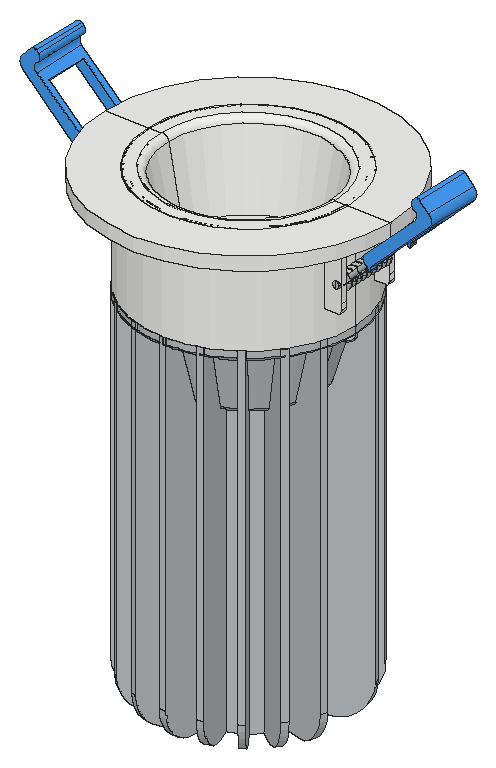
Revit family "2 inch  PORLA LED DOWNLIGHT", category Lighting Fixtures, host Face, Revit 2020
Family settings
  Host = Face
  Round Connector Dimension = Use Diameter
  Part Type = Normal
  Cut with Voids When Loaded = No
  Light Source = Yes
  Shared = No
  Room Calculation Point = No
Parameters (values of type "POR02-DLR-10LM-90-MWH-5000K")
  Wattage = 6.7321 W
  WATTS = 12 W
  built-in parameter 1150110 = 1 (stored number, unit not read)
  Voltage = 120 V
  URL = "https://www.abovealllighting.com/Product/LED-INDOOR-FIXTURE/LED-Down-light/2inPORLALEDDownlight-Round.html"
  Type Comments = "2 inch PORLA LED DOWNLIGHT "  # constant formula
  built-in parameter 1114217 = 1 (stored number, unit not read)
  Tilt Angle = -90.00°
  built-in parameter 1150109 = 1 (stored number, unit not read)
  built-in parameter 1150134 = 2
  built-in parameter 1150113 = 1 (stored number, unit not read)
  Replaces/Equiv.(MH) = "75W incandescent"
  Photometric Web File = "POR02-DLR-10LM-90 5000K.IES"
  Order number = "90830A"
  Model = "POR02-DLR-10LM-90-MWH"
  Manufacturer = "Above All Lighting"  # constant formula
  built-in parameter 1150105 = 2254.7 (stored number, unit not read)
  Lumens = 1000 lm
  built-in parameter 1150115 = 1 (stored number, unit not read)
  built-in parameter 1150137 = (empty or 0)
  built-in parameter 1150139 = (empty or 0)
  built-in parameter 1150112 = 1 (stored number, unit not read)
  built-in parameter 1150114 = 1 (stored number, unit not read)
  built-in parameter 1150132 = 2
  built-in parameter 1150102 = (empty or 0)
  built-in parameter 1150107 = 5000 (stored number, unit not read)
  built-in parameter 1150138 = (empty or 0)
  built-in parameter 1150106 = 22.547 (stored number, unit not read)
  IP Rating = "Damp Location"  # constant formula
  Fixture Height = 0' - 5"
  Fixture Diameter = 0' - 3 1/8"
  Finish/Color = White
  built-in parameter 1150104 = 13.8 (stored number, unit not read)
  Distribution = 38.00°  # constant formula
  Dimming Lamp Color Temperature Shift = <None>
  Description = "The 2 inch Porla recessed led downlight comes in round and square shapes with integral driver in a remote\r\ndriver box. Five CCT selectable. Flexibility to switch color temperature during installation with the slide\r\nswitch. Reflector optic design. Ideal for a variety of applications for both residential and commercial settings."  # constant formula
  Default Elevation = 4' - 0"
  DL = yes
  Color Filter = 16777215
  CRI = "90"  # constant formula
  CLIP LOWER BODY MATERIAL = PLASTIC
  CLIP BODY MATERIAL = White
  Bulb Material = LIGHT
  Body Material = FINISH COLOR
  built-in parameter 1114218 = 1 (stored number, unit not read)
  Average life based on 104F(HRS) = "50000"  # constant formula
  built-in parameter 1150133 = 10 (stored number, unit not read)
  Apparent Load = 15 VA
Reference planes (in)
  plane 1 "Center (Front/Back)": y = 0
  plane 2: z = 0
  plane 3 "Center (Left/Right)": x = 0
Dimensions and locks (in)
  aligned and locked: plane 2 to host face
  aligned and locked: level to host face
  aligned and locked: plane 3 "Center (Left/Right)" to nested 1
  aligned and locked: plane 1 "Center (Front/Back)" to nested 1
  aligned and locked: host face to nested 1
  aligned and locked: plane 3 "Center (Left/Right)" to imposter light
  aligned and locked: plane 2 to imposter light
Nested families (in)
  nested 1: "DLR 2 INCH" at (0, 0, -5.25), Body Material <- "Body Material", CLIP BODY MATERIAL <- "CLIP BODY MATERIAL", CLIP LOWER BODY MATERIAL <- "CLIP LOWER BODY MATERIAL", Finish/Color <- "Finish/Color", DLR 2 inch <- "DL", Bulb Material <- "Bulb Material", type "DLR 2 INCH"
    with Fixture Height 0' - 5 1/4", Finish/Color White, DLR 2 inch yes, D1 0' - 1.25984", D 0' - 3.14961", CLIP LOWER BODY MATERIAL PLASTIC, CLIP BODY MATERIAL White, Bulb Material LIGHT, Body Material FINISH COLOR
Connectors (in)
  electrical at (0, 0, 0), driven by "Voltage", driven by "Apparent Load"
    settings: on host face, index 1, voltage 120 V, apparent load 15 VA, apparent load phase1 0 VA, apparent load phase2 0 VA, apparent load phase3 0 VA, power factor 1, load classification "Lighting", number of poles 1, system type 30, power factor state 1, is connector primary yes, connector utility no, sub classification motor no, connector description ""
Definition of nested family "DLR 2 INCH"
  Parameters (values of type "DLR 2 INCH")
    Fixture Height [instance] = 0' - 4.96063"
    Finish/Color [instance] = none
    FIXED END HEIGHT 1 = 0' - 1.16142"
    Default Elevation = 0' - 0"
    DLR 2 inch [instance] = yes
    D1 [instance] = 0' - 1.25984"
    D [instance] = 0' - 3.14961"
    CLIP LOWER BODY MATERIAL [instance] = none
    CLIP BODY MATERIAL [instance] = none
    Bulb Material [instance] = none
    Body Material [instance] = none
  Reference planes (in)
    plane 1 "Center (Front/Back)": y = 0
    plane 2: z = 0
    plane 3 "Center (Left/Right)": x = 0
    plane 4: y = 0.62992
    plane 5: y = 1.5748
    plane 6: x = -0.62992
    plane 7: x = -1.5748
    plane 8: x = 0.62992
    plane 9: x = 1.5748
    plane 10: y = -0.62992
    plane 11: y = -1.5748
    plane 12: z = 4.96063
    plane 13: z = 3.79921
  Forms (in)
    Revolve 1, solid, material <- "Body Material", visible <- "DLR 2 inch"
      sketch origin (0, 0, 0) x (1, 0, 0) y (0, 0, 1)
        loop
          line (-1.10236, 4.96063) -> (-1.5748, 4.96063) -> (-1.5748, 4.81299) -> (-1.25984, 4.81299)
          arc (-1.25984, 4.81299) -> (-1.20416, 4.78993) -> (-1.1811, 4.73425) r 0.07874
          line (-1.1811, 4.73425) -> (-1.1811, 3.79921) -> (-1.02362, 3.79921) -> (-1.02362, 4.88189)
          arc (-1.02362, 4.88189) -> (-1.04668, 4.93757) -> (-1.10236, 4.96063) r 0.07874
        axis (0, 4.96063) -> (0, 3.79921)
      angle from 0 to 360
    Revolve 2, solid, material <- "Body Material", visible <- "DLR 2 inch"
      sketch origin (0, 0, 0) x (1, 0, 0) y (0, 0, 1)
        loop
          arc (-1.09562, 4.96063) -> (-1.04642, 4.93783) -> (-1.02362, 4.88864) r 0.07874
          line (-1.02362, 4.88864) -> (-1.02362, 3.99475) -> (-0.62992, 3.99475) -> (-0.62992, 4.08178) -> (-0.72298, 4.08178) -> (-0.88143, 4.89691)
          arc (-0.88143, 4.89691) -> (-0.90864, 4.94265) -> (-0.95873, 4.96063) r 0.07874
          line (-0.95873, 4.96063) -> (-1.09562, 4.96063)
        axis (0, 4.96063) -> (0, 3.99475)
      angle from 0 to 360
    Revolve 3, solid, material <- "Finish/Color", visible <- "DLR 2 inch"
      sketch origin (0, 0, 0) x (1, 0, 0) y (0, 0, 1)
        loop
          line (-1.02362, 3.79921) -> (-0.78006, 3.00256)
          arc (-0.78006, 3.00256) -> (-0.76583, 2.98242) -> (-0.74241, 2.9747) r 0.03937
          line (-0.74241, 2.9747) -> (-0.66929, 2.9747)
          arc (-0.66929, 2.9747) -> (-0.64145, 2.96317) -> (-0.62992, 2.93533) r 0.03937
          line (-0.62992, 2.93533) -> (-0.62992, 0) -> (-0.12463, 0) -> (-0.12463, 0.11811) -> (-0.51181, 0.11811) -> (-0.51181, 3.05344)
          arc (-0.51181, 3.05344) -> (-0.52334, 3.08128) -> (-0.55118, 3.09281) r 0.03937
          line (-0.55118, 3.09281) -> (-0.65501, 3.09281)
          arc (-0.65501, 3.09281) -> (-0.67843, 3.10053) -> (-0.69266, 3.12067) r 0.03937
          line (-0.69266, 3.12067) -> (-0.90012, 3.79921) -> (-1.02362, 3.79921)
        axis (0, 3.79921) -> (0, 0)
      angle from 0 to 360
    Extrusion 4, solid, material <- "Finish/Color", visible <- "DLR 2 inch"
      sketch origin (0, 0, 0) x (0, 1, 0) y (0, 0, 1)
        loop
          line (1.02362, 3.79921) -> (0.78006, 3.00256)
          arc (0.78006, 3.00256) -> (0.76583, 2.98242) -> (0.74241, 2.9747) r 0.03937
          line (0.74241, 2.9747) -> (0.70388, 2.9747)
          arc (0.70388, 2.9747) -> (0.65158, 2.95303) -> (0.62992, 2.90074) r 0.07396
          line (0.62992, 2.90074) -> (0.62992, 0) -> (0.7874, 0)
          arc (0.7874, 0) -> (1.06579, 0.11531) -> (1.1811, 0.3937) r 0.3937
          line (1.1811, 0.3937) -> (1.1811, 3.79921) -> (1.02362, 3.79921)
      from -0.03328 to 0.03328
    Extrusion 5, solid, material <- "Finish/Color", visible <- "DLR 2 inch"
      sketch origin (0, 0, 0) x (0.309017, 0.951057, 0) y (0, 0, 1)
        loop
          line (1.02362, 3.79921) -> (0.78006, 3.00256)
          arc (0.78006, 3.00256) -> (0.76583, 2.98242) -> (0.74241, 2.9747) r 0.03937
          line (0.74241, 2.9747) -> (0.70388, 2.9747)
          arc (0.70388, 2.9747) -> (0.65158, 2.95303) -> (0.62992, 2.90074) r 0.07396
          line (0.62992, 2.90074) -> (0.62992, 0) -> (0.7874, 0)
          arc (0.7874, 0) -> (1.06579, 0.11531) -> (1.1811, 0.3937) r 0.3937
          line (1.1811, 0.3937) -> (1.1811, 3.79921) -> (1.02362, 3.79921)
      from -0.03328 to 0.03328
    Extrusion 6, solid, material <- "Finish/Color", visible <- "DLR 2 inch"
      sketch origin (0, 0, 0) x (-0.309017, 0.951057, 0) y (0, 0, 1)
        loop
          line (1.02362, 3.79921) -> (0.78006, 3.00256)
          arc (0.78006, 3.00256) -> (0.76583, 2.98242) -> (0.74241, 2.9747) r 0.03937
          line (0.74241, 2.9747) -> (0.70388, 2.9747)
          arc (0.70388, 2.9747) -> (0.65158, 2.95303) -> (0.62992, 2.90074) r 0.07396
          line (0.62992, 2.90074) -> (0.62992, 0) -> (0.7874, 0)
          arc (0.7874, 0) -> (1.06579, 0.11531) -> (1.1811, 0.3937) r 0.3937
          line (1.1811, 0.3937) -> (1.1811, 3.79921) -> (1.02362, 3.79921)
      from -0.03328 to 0.03328
    Extrusion 7, solid, material <- "Finish/Color", visible <- "DLR 2 inch"
      sketch origin (0, 0, 0) x (-0.587785, 0.809017, 0) y (0, 0, 1)
        loop
          line (1.02362, 3.79921) -> (0.78006, 3.00256)
          arc (0.78006, 3.00256) -> (0.76583, 2.98242) -> (0.74241, 2.9747) r 0.03937
          line (0.74241, 2.9747) -> (0.70388, 2.9747)
          arc (0.70388, 2.9747) -> (0.65158, 2.95303) -> (0.62992, 2.90074) r 0.07396
          line (0.62992, 2.90074) -> (0.62992, 0) -> (0.7874, 0)
          arc (0.7874, 0) -> (1.06579, 0.11531) -> (1.1811, 0.3937) r 0.3937
          line (1.1811, 0.3937) -> (1.1811, 3.79921) -> (1.02362, 3.79921)
      from -0.03328 to 0.03328
    Extrusion 8, solid, material <- "Finish/Color", visible <- "DLR 2 inch"
      sketch origin (0, 0, 0) x (-0.809017, 0.587785, 0) y (0, 0, 1)
        loop
          line (1.02362, 3.79921) -> (0.78006, 3.00256)
          arc (0.78006, 3.00256) -> (0.76583, 2.98242) -> (0.74241, 2.9747) r 0.03937
          line (0.74241, 2.9747) -> (0.70388, 2.9747)
          arc (0.70388, 2.9747) -> (0.65158, 2.95303) -> (0.62992, 2.90074) r 0.07396
          line (0.62992, 2.90074) -> (0.62992, 0) -> (0.7874, 0)
          arc (0.7874, 0) -> (1.06579, 0.11531) -> (1.1811, 0.3937) r 0.3937
          line (1.1811, 0.3937) -> (1.1811, 3.79921) -> (1.02362, 3.79921)
      from -0.03328 to 0.03328
    Extrusion 9, solid, material <- "Finish/Color", visible <- "DLR 2 inch"
      sketch origin (0, 0, 0) x (-0.951057, 0.309017, 0) y (0, 0, 1)
        loop
          line (1.02362, 3.79921) -> (0.78006, 3.00256)
          arc (0.78006, 3.00256) -> (0.76583, 2.98242) -> (0.74241, 2.9747) r 0.03937
          line (0.74241, 2.9747) -> (0.70388, 2.9747)
          arc (0.70388, 2.9747) -> (0.65158, 2.95303) -> (0.62992, 2.90074) r 0.07396
          line (0.62992, 2.90074) -> (0.62992, 0) -> (0.7874, 0)
          arc (0.7874, 0) -> (1.06579, 0.11531) -> (1.1811, 0.3937) r 0.3937
          line (1.1811, 0.3937) -> (1.1811, 3.79921) -> (1.02362, 3.79921)
      from -0.03328 to 0.03328
    Extrusion 10, solid, material <- "Finish/Color", visible <- "DLR 2 inch"
      sketch origin (0, 0, 0) x (-1, 0, 0) y (0, 0, 1)
        loop
          arc (0.62992, 0.00517) -> (0.74126, 0.18917) -> (0.78006, 0.40071) r 0.59607
          line (0.78006, 0.40071) -> (0.78006, 3.00256)
          arc (0.78006, 3.00256) -> (0.76583, 2.98242) -> (0.74241, 2.9747) r 0.03937
          line (0.74241, 2.9747) -> (0.70388, 2.9747)
          arc (0.70388, 2.9747) -> (0.65158, 2.95303) -> (0.62992, 2.90074) r 0.07396
          line (0.62992, 2.90074) -> (0.62992, 0.00517)
      from -0.03328 to 0.03328
    Extrusion 11, solid, material <- "Finish/Color", visible <- "DLR 2 inch"
      sketch origin (0, 0, 0) x (-0.951057, -0.309017, 0) y (0, 0, 1)
        loop
          line (1.02362, 3.79921) -> (0.78006, 3.00256)
          arc (0.78006, 3.00256) -> (0.76583, 2.98242) -> (0.74241, 2.9747) r 0.03937
          line (0.74241, 2.9747) -> (0.70388, 2.9747)
          arc (0.70388, 2.9747) -> (0.65158, 2.95303) -> (0.62992, 2.90074) r 0.07396
          line (0.62992, 2.90074) -> (0.62992, 0) -> (0.7874, 0)
          arc (0.7874, 0) -> (1.06579, 0.11531) -> (1.1811, 0.3937) r 0.3937
          line (1.1811, 0.3937) -> (1.1811, 3.79921) -> (1.02362, 3.79921)
      from -0.03328 to 0.03328
    Extrusion 12, solid, material <- "Finish/Color", visible <- "DLR 2 inch"
      sketch origin (0, 0, 0) x (-0.809017, -0.587785, 0) y (0, 0, 1)
        loop
          line (1.02362, 3.79921) -> (0.78006, 3.00256)
          arc (0.78006, 3.00256) -> (0.76583, 2.98242) -> (0.74241, 2.9747) r 0.03937
          line (0.74241, 2.9747) -> (0.70388, 2.9747)
          arc (0.70388, 2.9747) -> (0.65158, 2.95303) -> (0.62992, 2.90074) r 0.07396
          line (0.62992, 2.90074) -> (0.62992, 0) -> (0.7874, 0)
          arc (0.7874, 0) -> (1.06579, 0.11531) -> (1.1811, 0.3937) r 0.3937
          line (1.1811, 0.3937) -> (1.1811, 3.79921) -> (1.02362, 3.79921)
      from -0.03328 to 0.03328
    Extrusion 13, solid, material <- "Finish/Color", visible <- "DLR 2 inch"
      sketch origin (0, 0, 0) x (-0.587785, -0.809017, 0) y (0, 0, 1)
        loop
          line (1.02362, 3.79921) -> (0.78006, 3.00256)
          arc (0.78006, 3.00256) -> (0.76583, 2.98242) -> (0.74241, 2.9747) r 0.03937
          line (0.74241, 2.9747) -> (0.70388, 2.9747)
          arc (0.70388, 2.9747) -> (0.65158, 2.95303) -> (0.62992, 2.90074) r 0.07396
          line (0.62992, 2.90074) -> (0.62992, 0) -> (0.7874, 0)
          arc (0.7874, 0) -> (1.06579, 0.11531) -> (1.1811, 0.3937) r 0.3937
          line (1.1811, 0.3937) -> (1.1811, 3.79921) -> (1.02362, 3.79921)
      from -0.03328 to 0.03328
    Extrusion 14, solid, material <- "Finish/Color", visible <- "DLR 2 inch"
      sketch origin (0, 0, 0) x (-0.309017, -0.951057, 0) y (0, 0, 1)
        loop
          line (1.02362, 3.79921) -> (0.78006, 3.00256)
          arc (0.78006, 3.00256) -> (0.76583, 2.98242) -> (0.74241, 2.9747) r 0.03937
          line (0.74241, 2.9747) -> (0.70388, 2.9747)
          arc (0.70388, 2.9747) -> (0.65158, 2.95303) -> (0.62992, 2.90074) r 0.07396
          line (0.62992, 2.90074) -> (0.62992, 0) -> (0.7874, 0)
          arc (0.7874, 0) -> (1.06579, 0.11531) -> (1.1811, 0.3937) r 0.3937
          line (1.1811, 0.3937) -> (1.1811, 3.79921) -> (1.02362, 3.79921)
      from -0.03328 to 0.03328
    Extrusion 15, solid, material <- "Finish/Color", visible <- "DLR 2 inch"
      sketch origin (0, 0, 0) x (0, -1, 0) y (0, 0, 1)
        loop
          line (1.02362, 3.79921) -> (0.78006, 3.00256)
          arc (0.78006, 3.00256) -> (0.76583, 2.98242) -> (0.74241, 2.9747) r 0.03937
          line (0.74241, 2.9747) -> (0.70388, 2.9747)
          arc (0.70388, 2.9747) -> (0.65158, 2.95303) -> (0.62992, 2.90074) r 0.07396
          line (0.62992, 2.90074) -> (0.62992, 0) -> (0.7874, 0)
          arc (0.7874, 0) -> (1.06579, 0.11531) -> (1.1811, 0.3937) r 0.3937
          line (1.1811, 0.3937) -> (1.1811, 3.79921) -> (1.02362, 3.79921)
      from -0.03328 to 0.03328
    Extrusion 16, solid, material <- "Finish/Color", visible <- "DLR 2 inch"
      sketch origin (0, 0, 0) x (0.309017, -0.951057, 0) y (0, 0, 1)
        loop
          line (1.02362, 3.79921) -> (0.78006, 3.00256)
          arc (0.78006, 3.00256) -> (0.76583, 2.98242) -> (0.74241, 2.9747) r 0.03937
          line (0.74241, 2.9747) -> (0.70388, 2.9747)
          arc (0.70388, 2.9747) -> (0.65158, 2.95303) -> (0.62992, 2.90074) r 0.07396
          line (0.62992, 2.90074) -> (0.62992, 0) -> (0.7874, 0)
          arc (0.7874, 0) -> (1.06579, 0.11531) -> (1.1811, 0.3937) r 0.3937
          line (1.1811, 0.3937) -> (1.1811, 3.79921) -> (1.02362, 3.79921)
      from -0.03328 to 0.03328
    Extrusion 17, solid, material <- "Finish/Color", visible <- "DLR 2 inch"
      sketch origin (0, 0, 0) x (0.587785, -0.809017, 0) y (0, 0, 1)
        loop
          line (1.02362, 3.79921) -> (0.78006, 3.00256)
          arc (0.78006, 3.00256) -> (0.76583, 2.98242) -> (0.74241, 2.9747) r 0.03937
          line (0.74241, 2.9747) -> (0.70388, 2.9747)
          arc (0.70388, 2.9747) -> (0.65158, 2.95303) -> (0.62992, 2.90074) r 0.07396
          line (0.62992, 2.90074) -> (0.62992, 0) -> (0.7874, 0)
          arc (0.7874, 0) -> (1.06579, 0.11531) -> (1.1811, 0.3937) r 0.3937
          line (1.1811, 0.3937) -> (1.1811, 3.79921) -> (1.02362, 3.79921)
      from -0.03328 to 0.03328
    Extrusion 18, solid, material <- "Finish/Color", visible <- "DLR 2 inch"
      sketch origin (0, 0, 0) x (0.809017, -0.587785, 0) y (0, 0, 1)
        loop
          line (1.02362, 3.79921) -> (0.78006, 3.00256)
          arc (0.78006, 3.00256) -> (0.76583, 2.98242) -> (0.74241, 2.9747) r 0.03937
          line (0.74241, 2.9747) -> (0.70388, 2.9747)
          arc (0.70388, 2.9747) -> (0.65158, 2.95303) -> (0.62992, 2.90074) r 0.07396
          line (0.62992, 2.90074) -> (0.62992, 0) -> (0.7874, 0)
          arc (0.7874, 0) -> (1.06579, 0.11531) -> (1.1811, 0.3937) r 0.3937
          line (1.1811, 0.3937) -> (1.1811, 3.79921) -> (1.02362, 3.79921)
      from -0.03328 to 0.03328
    Extrusion 19, solid, material <- "Finish/Color", visible <- "DLR 2 inch"
      sketch origin (0, 0, 0) x (0.951057, -0.309017, 0) y (0, 0, 1)
        loop
          line (1.02362, 3.79921) -> (0.78006, 3.00256)
          arc (0.78006, 3.00256) -> (0.76583, 2.98242) -> (0.74241, 2.9747) r 0.03937
          line (0.74241, 2.9747) -> (0.70388, 2.9747)
          arc (0.70388, 2.9747) -> (0.65158, 2.95303) -> (0.62992, 2.90074) r 0.07396
          line (0.62992, 2.90074) -> (0.62992, 0) -> (0.7874, 0)
          arc (0.7874, 0) -> (1.06579, 0.11531) -> (1.1811, 0.3937) r 0.3937
          line (1.1811, 0.3937) -> (1.1811, 3.79921) -> (1.02362, 3.79921)
      from -0.03328 to 0.03328
    Extrusion 20, solid, material <- "Finish/Color", visible <- "DLR 2 inch"
      sketch origin (0, 0, 0) x (0.951057, 0.309017, 0) y (0, 0, 1)
        loop
          line (1.02362, 3.79921) -> (0.78006, 3.00256)
          arc (0.78006, 3.00256) -> (0.76583, 2.98242) -> (0.74241, 2.9747) r 0.03937
          line (0.74241, 2.9747) -> (0.70388, 2.9747)
          arc (0.70388, 2.9747) -> (0.65158, 2.95303) -> (0.62992, 2.90074) r 0.07396
          line (0.62992, 2.90074) -> (0.62992, 0) -> (0.7874, 0)
          arc (0.7874, 0) -> (1.06579, 0.11531) -> (1.1811, 0.3937) r 0.3937
          line (1.1811, 0.3937) -> (1.1811, 3.79921) -> (1.02362, 3.79921)
      from -0.03328 to 0.03328
    Extrusion 21, solid, material <- "Finish/Color", visible <- "DLR 2 inch"
      sketch origin (0, 0, 0) x (0.809017, 0.587785, 0) y (0, 0, 1)
        loop
          line (1.02362, 3.79921) -> (0.78006, 3.00256)
          arc (0.78006, 3.00256) -> (0.76583, 2.98242) -> (0.74241, 2.9747) r 0.03937
          line (0.74241, 2.9747) -> (0.70388, 2.9747)
          arc (0.70388, 2.9747) -> (0.65158, 2.95303) -> (0.62992, 2.90074) r 0.07396
          line (0.62992, 2.90074) -> (0.62992, 0) -> (0.7874, 0)
          arc (0.7874, 0) -> (1.06579, 0.11531) -> (1.1811, 0.3937) r 0.3937
          line (1.1811, 0.3937) -> (1.1811, 3.79921) -> (1.02362, 3.79921)
      from -0.03328 to 0.03328
    Extrusion 22, solid, material <- "Finish/Color", visible <- "DLR 2 inch"
      sketch origin (0, 0, 0) x (0.587785, 0.809017, 0) y (0, 0, 1)
        loop
          line (1.02362, 3.79921) -> (0.78006, 3.00256)
          arc (0.78006, 3.00256) -> (0.76583, 2.98242) -> (0.74241, 2.9747) r 0.03937
          line (0.74241, 2.9747) -> (0.70388, 2.9747)
          arc (0.70388, 2.9747) -> (0.65158, 2.95303) -> (0.62992, 2.90074) r 0.07396
          line (0.62992, 2.90074) -> (0.62992, 0) -> (0.7874, 0)
          arc (0.7874, 0) -> (1.06579, 0.11531) -> (1.1811, 0.3937) r 0.3937
          line (1.1811, 0.3937) -> (1.1811, 3.79921) -> (1.02362, 3.79921)
      from -0.03328 to 0.03328
    Revolve 23, solid, visible <- "DLR 2 inch"
      sketch origin (-0.61516, -0.00309, 0) x (1, 0, 0) y (0, 0, 1)
        loop
          line (-0.48321, 3.70694) -> (-0.48321, 3.94081) -> (-0.52896, 3.94081) -> (-0.52896, 3.70694) -> (-0.56285, 3.70694) -> (-0.56285, 3.67612)
          arc (-0.56285, 3.67612) -> (-0.55687, 3.66169) -> (-0.54243, 3.6557) r 0.02042
          line (-0.54243, 3.6557) -> (-0.48321, 3.6557) -> (-0.48321, 3.70694)
        axis (-0.48321, 3.94081) -> (-0.48321, 3.6557)
      angle from 0 to 360
    Revolve 24, solid, visible <- "DLR 2 inch"
      sketch origin (0.61516, -0.00309, 0) x (-1, 0, 0) y (0, 0, -1)
        loop
          line (-0.48321, -3.70694) -> (-0.48321, -3.6557) -> (-0.54243, -3.6557)
          arc (-0.54243, -3.6557) -> (-0.55687, -3.66169) -> (-0.56285, -3.67612) r 0.02042
          line (-0.56285, -3.67612) -> (-0.56285, -3.70694) -> (-0.52896, -3.70694) -> (-0.52896, -3.94081) -> (-0.48321, -3.94081) -> (-0.48321, -3.70694)
        axis (-0.48321, -3.94081) -> (-0.48321, -3.6557)
      angle from 0 to 360
    Revolve 25, solid, material <- "Finish/Color", visible <- "DLR 2 inch"
      sketch origin (0, 0, 0) x (1, 0, 0) y (0, 0, 1)
        loop
          line (-1.1811, 3.79911) -> (-1.1811, 3.72691)
          arc (-1.1811, 3.72691) -> (-1.17525, 3.71279) -> (-1.16113, 3.70694) r 0.01998
          line (-1.16113, 3.70694) -> (-0.97509, 3.70694) -> (-0.97509, 3.79911) -> (-1.1811, 3.79911)
        axis (0, 3.79911) -> (0, 3.70694)
      angle from 0 to 360
    Extrusion 26, solid, material <- "Finish/Color", visible <- "DLR 2 inch"
      sketch origin (0, 0, 0) x (1, 0, 0) y (0, 0, -1)
        loop
          line (0.62992, -0.00517) -> (0.62992, -2.90074)
          arc (0.62992, -2.90074) -> (0.65158, -2.95303) -> (0.70388, -2.9747) r 0.07396
          line (0.70388, -2.9747) -> (0.74241, -2.9747)
          arc (0.74241, -2.9747) -> (0.76583, -2.98242) -> (0.78006, -3.00256) r 0.03937
          line (0.78006, -3.00256) -> (0.78006, -0.40071)
          arc (0.78006, -0.40071) -> (0.74126, -0.18917) -> (0.62992, -0.00517) r 0.59607
      from -0.03328 to 0.03328
    Extrusion 27, solid, material <- "CLIP LOWER BODY MATERIAL", visible <- "DLR 2 inch"
      sketch origin (-0.04921, -0.11675, 0.04921) x (1, 0, 0) y (0, 0, 1)
        loop
          arc (-1.49055, 4.61581) -> (-1.46559, 4.6721) -> (-1.49001, 4.72863) r 0.07679
          line (-1.49001, 4.72863) -> (-2.04047, 5.24194)
          arc (-2.04047, 5.24194) -> (-2.05854, 5.30101) -> (-2.02504, 5.35291) r 0.07329
          arc (-2.02504, 5.35291) -> (-1.999, 5.39445) -> (-2.01521, 5.44073) r 0.05655
          line (-2.01521, 5.44073) -> (-2.03886, 5.46437)
          arc (-2.03886, 5.46437) -> (-2.06669, 5.47591) -> (-2.09453, 5.46438) r 0.03937
          line (-2.09453, 5.46438) -> (-2.19172, 5.3672)
          arc (-2.19172, 5.3672) -> (-2.22055, 5.2976) -> (-2.19172, 5.22799) r 0.09843
          line (-2.19172, 5.22799) -> (-1.56064, 4.61865)
          arc (-1.56064, 4.61865) -> (-1.5531, 4.6048) -> (-1.55483, 4.58913) r 0.02631
          arc (-1.55483, 4.58913) -> (-1.55013, 4.56988) -> (-1.53031, 4.56942) r 0.01629
          line (-1.53031, 4.56942) -> (-1.48677, 4.61951)
      from -0.42411 to 0.19339
    Extrusion 28, void
      sketch origin (-0.04921, 0, 0.04921) x (1, 0, 0) y (0, 0, 1)
        loop
          line (-1.92722, 5.19962) -> (-2.0581, 5.06874) -> (-1.49231, 4.50295) -> (-1.34167, 4.65359) -> (-1.92722, 5.19962)
      from -0.23918 to 0.24672
    Extrusion 29, solid, material <- "CLIP LOWER BODY MATERIAL", visible <- "DLR 2 inch"
      sketch origin (0.04921, -0.11675, 0.04921) x (-1, 0, 0) y (0, 0, -1)
        loop
          arc (-1.49055, -4.61581) -> (-1.46559, -4.6721) -> (-1.49001, -4.72863) r 0.07679
          line (-1.49001, -4.72863) -> (-2.04047, -5.24194)
          arc (-2.04047, -5.24194) -> (-2.05854, -5.30101) -> (-2.02504, -5.35291) r 0.07329
          arc (-2.02504, -5.35291) -> (-1.999, -5.39445) -> (-2.01521, -5.44073) r 0.05655
          line (-2.01521, -5.44073) -> (-2.03886, -5.46437)
          arc (-2.03886, -5.46437) -> (-2.06669, -5.47591) -> (-2.09453, -5.46438) r 0.03937
          line (-2.09453, -5.46438) -> (-2.19172, -5.3672)
          arc (-2.19172, -5.3672) -> (-2.22055, -5.2976) -> (-2.19172, -5.22799) r 0.09843
          line (-2.19172, -5.22799) -> (-1.56064, -4.61865)
          arc (-1.56064, -4.61865) -> (-1.5531, -4.6048) -> (-1.55483, -4.58913) r 0.02631
          arc (-1.55483, -4.58913) -> (-1.55013, -4.56988) -> (-1.53031, -4.56942) r 0.01629
          line (-1.53031, -4.56942) -> (-1.48677, -4.61951)
      from -0.42411 to 0.19339
    Extrusion 30, void
      sketch origin (0.04921, 0, 0.04921) x (-1, 0, 0) y (0, 0, -1)
        loop
          line (-1.95997, -5.16687) -> (-1.37442, -4.62084) -> (-1.54358, -4.45168) -> (-2.10937, -5.01747) -> (-1.95997, -5.16687)
      from -0.23918 to 0.24672
    Sweep 31, solid, material <- "CLIP BODY MATERIAL", visible <- "DLR 2 inch"
      path origin (-0.01845, 0.27265, 0.02461) x (1, 0, 0) y (0, 0, 1)
        loop
          line (-1.54319, 4.66159) -> (-1.42815, 4.54655) -> (-1.33404, 4.45244)
          arc (-1.33404, 4.45244) -> (-1.31453, 4.4205) -> (-1.31175, 4.38317) r 0.07969
          arc (-1.31175, 4.38317) -> (-1.19599, 4.3367) -> (-1.28114, 4.42786) r 0.0639
      profile origin (-1.50412, 0.27265, 4.62868) x (0.707107, 0, 0.707107) y (0, -1, 0)
        loop
          circle (0, 0) r 0.02253
    Sweep 32, solid, material <- "CLIP BODY MATERIAL", visible <- "DLR 2 inch"
      path origin (-0.01845, -0.27265, 0.02461) x (1, 0, 0) y (0, 0, -1)
        loop
          line (-1.54319, -4.66159) -> (-1.42815, -4.54655) -> (-1.33404, -4.45244)
          arc (-1.33404, -4.45244) -> (-1.31453, -4.4205) -> (-1.31175, -4.38317) r 0.07969
          arc (-1.31175, -4.38317) -> (-1.19599, -4.3367) -> (-1.28114, -4.42786) r 0.0639
      profile origin (-1.50412, -0.27265, 4.62868) x (-0.707107, 0, -0.707107) y (0, 1, 0)
        loop
          circle (0, 0) r 0.02253
    Extrusion 33, solid, material <- "Body Material", visible <- "DLR 2 inch"
      sketch origin (0, 0, 0) x (1, 0, 0) y (0, 0, 1)
        loop
          line (-1.31501, 4.84744) -> (-1.31501, 4.22244) -> (-1.31501, 4.15419)
          arc (-1.31501, 4.15419) -> (-1.30257, 4.12415) -> (-1.27253, 4.11171) r 0.04248
          line (-1.27253, 4.11171) -> (-1.10579, 4.11171) -> (-1.10579, 4.70226) -> (-1.10579, 4.79155)
          arc (-1.10579, 4.79155) -> (-1.13549, 4.83201) -> (-1.18326, 4.84744) r 0.08163
          line (-1.18326, 4.84744) -> (-1.31501, 4.84744)
      from 0.30128 to 0.3608
    Revolve 34, solid, material <- "CLIP BODY MATERIAL", visible <- "DLR 2 inch"
      sketch origin (-1.26869, 0, 0.00867) x (0, 1, 0) y (0, 0, 1)
        loop
          line (0.30128, 4.39144) -> (0.37051, 4.39144) -> (0.37051, 4.4261) -> (-0.3751, 4.4261) -> (-0.3751, 4.39144) -> (0.30128, 4.39144)
        axis (0.37051, 4.39144) -> (-0.3751, 4.39144)
      angle from 0 to 360
    Extrusion 35, solid, material <- "Body Material", visible <- "DLR 2 inch"
      sketch origin (0, 0, 0) x (1, 0, 0) y (0, 0, -1)
        loop
          line (-1.31501, -4.84744) -> (-1.18326, -4.84744)
          arc (-1.18326, -4.84744) -> (-1.13549, -4.83201) -> (-1.10579, -4.79155) r 0.08163
          line (-1.10579, -4.79155) -> (-1.10579, -4.70226) -> (-1.10579, -4.11171) -> (-1.27253, -4.11171)
          arc (-1.27253, -4.11171) -> (-1.30257, -4.12415) -> (-1.31501, -4.15419) r 0.04248
          line (-1.31501, -4.15419) -> (-1.31501, -4.22244) -> (-1.31501, -4.84744)
      from 0.30128 to 0.3608
    Extrusion 36, solid, material <- "Body Material", visible <- "DLR 2 inch"
      sketch origin (0, 0, 0) x (-1, 0, 0) y (0, 0, -1)
        loop
          line (-1.31501, -4.84744) -> (-1.18326, -4.84744)
          arc (-1.18326, -4.84744) -> (-1.13549, -4.83201) -> (-1.10579, -4.79155) r 0.08163
          line (-1.10579, -4.79155) -> (-1.10579, -4.70226) -> (-1.10579, -4.11171) -> (-1.27253, -4.11171)
          arc (-1.27253, -4.11171) -> (-1.30257, -4.12415) -> (-1.31501, -4.15419) r 0.04248
          line (-1.31501, -4.15419) -> (-1.31501, -4.22244) -> (-1.31501, -4.84744)
      from 0.30128 to 0.3608
    Revolve 37, solid, material <- "CLIP BODY MATERIAL", visible <- "DLR 2 inch"
      sketch origin (1.26869, 0, 0.00867) x (0, 1, 0) y (0, 0, -1)
        loop
          line (0.30128, -4.39144) -> (-0.3751, -4.39144) -> (-0.3751, -4.4261) -> (0.37051, -4.4261) -> (0.37051, -4.39144) -> (0.30128, -4.39144)
        axis (0.37051, -4.39144) -> (-0.3751, -4.39144)
      angle from 0 to 360
    Extrusion 38, solid, material <- "Body Material", visible <- "DLR 2 inch"
      sketch origin (0, 0, 0) x (-1, 0, 0) y (0, 0, 1)
        loop
          line (-1.31501, 4.84744) -> (-1.31501, 4.22244) -> (-1.31501, 4.15419)
          arc (-1.31501, 4.15419) -> (-1.30257, 4.12415) -> (-1.27253, 4.11171) r 0.04248
          line (-1.27253, 4.11171) -> (-1.10579, 4.11171) -> (-1.10579, 4.70226) -> (-1.10579, 4.79155)
          arc (-1.10579, 4.79155) -> (-1.13549, 4.83201) -> (-1.18326, 4.84744) r 0.08163
          line (-1.18326, 4.84744) -> (-1.31501, 4.84744)
      from 0.30128 to 0.3608
    Sweep 39, solid, material <- "CLIP BODY MATERIAL", visible <- "DLR 2 inch"
      path origin (0, 0, 0.00064) x (1, 0, 0) y (0, 0, 1)
        loop
          circle (-1.26869, 4.4001) r 0.06957
      profile origin (-1.26869, 0, 4.47031) x (0, 0, -1) y (0, -1, 0)
        loop
          circle (0.00923, -0.21211) r 0.02352
    Sweep 40, solid, material <- "CLIP BODY MATERIAL", visible <- "DLR 2 inch"
      path origin (0, 0, 0.00064) x (1, 0, 0) y (0, 0, 1)
        loop
          circle (-1.26869, 4.4001) r 0.06957
      profile origin (-1.26869, 0, 4.47031) x (0, 0, -1) y (0, -1, 0)
        loop
          circle (0.00923, 0.20689) r 0.02352
    Sweep 41, solid, material <- "CLIP BODY MATERIAL", visible <- "DLR 2 inch"
      path origin (0, 0, 0.00064) x (1, 0, 0) y (0, 0, 1)
        loop
          circle (-1.26869, 4.4001) r 0.06957
      profile origin (-1.26869, 0, 4.47031) x (0, 0, -1) y (0, -1, 0)
        loop
          circle (0.00923, -0.14227) r 0.02352
    Sweep 42, solid, material <- "CLIP BODY MATERIAL", visible <- "DLR 2 inch"
      path origin (0, 0, 0.00064) x (1, 0, 0) y (0, 0, 1)
        loop
          circle (-1.26869, 4.4001) r 0.06957
      profile origin (-1.26869, 0, 4.47031) x (0, 0, -1) y (0, -1, 0)
        loop
          circle (0.00923, -0.07244) r 0.02352
    Sweep 43, solid, material <- "CLIP BODY MATERIAL", visible <- "DLR 2 inch"
      path origin (0, 0, 0.00064) x (1, 0, 0) y (0, 0, 1)
        loop
          circle (-1.26869, 4.4001) r 0.06957
      profile origin (-1.26869, 0, 4.47031) x (0, 0, -1) y (0, -1, 0)
        loop
          circle (0.00923, -0.00261) r 0.02352
    Sweep 44, solid, material <- "CLIP BODY MATERIAL", visible <- "DLR 2 inch"
      path origin (0, 0, 0.00064) x (1, 0, 0) y (0, 0, 1)
        loop
          circle (-1.26869, 4.4001) r 0.06957
      profile origin (-1.26869, 0, 4.47031) x (0, 0, -1) y (0, -1, 0)
        loop
          circle (0.00923, 0.06722) r 0.02352
    Sweep 45, solid, material <- "CLIP BODY MATERIAL", visible <- "DLR 2 inch"
      path origin (0, 0, 0.00064) x (1, 0, 0) y (0, 0, 1)
        loop
          circle (-1.26869, 4.4001) r 0.06957
      profile origin (-1.26869, 0, 4.47031) x (0, 0, -1) y (0, -1, 0)
        loop
          circle (0.00923, 0.13706) r 0.02352
    Sweep 46, solid, material <- "CLIP BODY MATERIAL", visible <- "DLR 2 inch"
      path origin (0.01845, 0.27265, 0.02461) x (-1, 0, 0) y (0, 0, -1)
        loop
          line (-1.54319, -4.66159) -> (-1.42815, -4.54655) -> (-1.33404, -4.45244)
          arc (-1.33404, -4.45244) -> (-1.31453, -4.4205) -> (-1.31175, -4.38317) r 0.07969
          arc (-1.31175, -4.38317) -> (-1.19599, -4.3367) -> (-1.28114, -4.42786) r 0.0639
      profile origin (1.50412, 0.27265, 4.62868) x (0.707107, 0, -0.707107) y (0, -1, 0)
        loop
          circle (0, 0) r 0.02253
    Sweep 47, solid, material <- "CLIP BODY MATERIAL", visible <- "DLR 2 inch"
      path origin (0.01845, -0.27265, 0.02461) x (-1, 0, 0) y (0, 0, 1)
        loop
          line (-1.54319, 4.66159) -> (-1.42815, 4.54655) -> (-1.33404, 4.45244)
          arc (-1.33404, 4.45244) -> (-1.31453, 4.4205) -> (-1.31175, 4.38317) r 0.07969
          arc (-1.31175, 4.38317) -> (-1.19599, 4.3367) -> (-1.28114, 4.42786) r 0.0639
      profile origin (1.50412, -0.27265, 4.62868) x (-0.707107, 0, 0.707107) y (0, 1, 0)
        loop
          circle (0, 0) r 0.02253
    Sweep 48, solid, material <- "CLIP BODY MATERIAL", visible <- "DLR 2 inch"
      path origin (0, 0, 0.00064) x (-1, 0, 0) y (0, 0, 1)
        loop
          circle (-1.26869, 4.4001) r 0.06957
      profile origin (1.26869, 0, 4.47031) x (0, 0, 1) y (0, -1, 0)
        loop
          circle (-0.00923, -0.21211) r 0.02352
    Sweep 49, solid, material <- "CLIP BODY MATERIAL", visible <- "DLR 2 inch"
      path origin (0, 0, 0.00064) x (-1, 0, 0) y (0, 0, 1)
        loop
          circle (-1.26869, 4.4001) r 0.06957
      profile origin (1.26869, 0, 4.47031) x (0, 0, 1) y (0, -1, 0)
        loop
          circle (-0.00923, 0.20689) r 0.02352
    Sweep 50, solid, material <- "CLIP BODY MATERIAL", visible <- "DLR 2 inch"
      path origin (0, 0, 0.00064) x (-1, 0, 0) y (0, 0, 1)
        loop
          circle (-1.26869, 4.4001) r 0.06957
      profile origin (1.26869, 0, 4.47031) x (0, 0, 1) y (0, -1, 0)
        loop
          circle (-0.00923, -0.14227) r 0.02352
    Sweep 51, solid, material <- "CLIP BODY MATERIAL", visible <- "DLR 2 inch"
      path origin (0, 0, 0.00064) x (-1, 0, 0) y (0, 0, 1)
        loop
          circle (-1.26869, 4.4001) r 0.06957
      profile origin (1.26869, 0, 4.47031) x (0, 0, 1) y (0, -1, 0)
        loop
          circle (-0.00923, -0.07244) r 0.02352
    Sweep 52, solid, material <- "CLIP BODY MATERIAL", visible <- "DLR 2 inch"
      path origin (0, 0, 0.00064) x (-1, 0, 0) y (0, 0, 1)
        loop
          circle (-1.26869, 4.4001) r 0.06957
      profile origin (1.26869, 0, 4.47031) x (0, 0, 1) y (0, -1, 0)
        loop
          circle (-0.00923, -0.00261) r 0.02352
    Sweep 53, solid, material <- "CLIP BODY MATERIAL", visible <- "DLR 2 inch"
      path origin (0, 0, 0.00064) x (-1, 0, 0) y (0, 0, 1)
        loop
          circle (-1.26869, 4.4001) r 0.06957
      profile origin (1.26869, 0, 4.47031) x (0, 0, 1) y (0, -1, 0)
        loop
          circle (-0.00923, 0.06722) r 0.02352
    Sweep 54, solid, material <- "CLIP BODY MATERIAL", visible <- "DLR 2 inch"
      path origin (0, 0, 0.00064) x (-1, 0, 0) y (0, 0, 1)
        loop
          circle (-1.26869, 4.4001) r 0.06957
      profile origin (1.26869, 0, 4.47031) x (0, 0, 1) y (0, -1, 0)
        loop
          circle (-0.00923, 0.13706) r 0.02352
    Revolve 55, solid, material <- "Bulb Material", visible <- "DLR 2 inch"
      sketch origin (0, 0, 0) x (1, 0, 0) y (0, 0, 1)
        loop
          line (-0.62992, 3.99475) -> (0, 3.49631) -> (0, 4.10583)
          arc (0, 4.10583) -> (-0.32023, 4.08018) -> (-0.62992, 3.99475) r 1.70026
        axis (0, 4.10583) -> (0, 3.49631)
      angle from 0 to 360
  Cuts and joins
    Extrusion 28, Extrusion 30 cuts Extrusion 27
    Extrusion 30 cuts Extrusion 29
  Dimensions and locks (in)
    plane 1 "Center (Front/Back)" to plane 4 = 0' - 0.62992"
    plane 1 "Center (Front/Back)" to plane 5 = 0' - 1.5748"
    plane 6 to plane 3 "Center (Left/Right)" = 0' - 0.62992"
    plane 7 to plane 3 "Center (Left/Right)" = 0' - 1.5748"
    equal spacing: plane 6, plane 3 "Center (Left/Right)", plane 8
    equal spacing: plane 7, plane 3 "Center (Left/Right)", plane 9
    equal spacing: plane 5, plane 1 "Center (Front/Back)", plane 11
    equal spacing: plane 4, plane 1 "Center (Front/Back)", plane 10
    "Fixture Height": plane 12 to plane 2
    "FIXED END HEIGHT 1": plane 12 to plane 13
    "D": plane 9 to plane 7
    "D1": plane 8 to plane 6
    aligned and locked: plane 2 to level
    aligned and locked: Revolve 3 sketch curve to plane 3 "Center (Left/Right)"
    aligned and locked: Revolve 55 sketch curve to plane 3 "Center (Left/Right)"
  Automatic sketch dimensions
    Revolve 1 sketch curve to plane 7 = 0' - 0"
    Revolve 1 sketch curve to plane 13 = 0' - 0"
    Revolve 1 sketch curve to plane 12 = 0' - 0"
    Revolve 1 sketch curve to plane 3 "Center (Left/Right)" = 0' - 0"
    Revolve 1 sketch curve to plane 12 = 0' - 0.14764"
    plane 7 to Revolve 1 sketch curve = 0' - 0.31496"
    Revolve 1 sketch curve to Revolve 1 sketch curve = 0' - 0.07874"  (x2)
    Revolve 1 sketch curve to plane 12 = 0' - 0.07874"
    Revolve 1 sketch curve to plane 12 = 0' - 0.3937"
    plane 12 to Revolve 1 sketch curve = 0' - 0.19685"
    Revolve 2 sketch curve to plane 12 = 0' - 0"
    Revolve 2 sketch curve to plane 6 = 0' - 0"
    Revolve 2 sketch curve to plane 3 "Center (Left/Right)" = 0' - 0"
    Revolve 2 sketch curve to Revolve 2 sketch curve = 0' - 0.09306"
    Revolve 2 sketch curve to plane 12 = 0' - 0.06372"
    Revolve 2 sketch curve to plane 6 = 0' - 0.25151"
    Revolve 2 sketch curve to plane 12 = 0' - 0.07874"
    Revolve 2 sketch curve to Revolve 2 sketch curve = 0' - 0.30064"
    Revolve 2 sketch curve to Revolve 2 sketch curve = 0' - 0.07199"
    Revolve 2 sketch curve to Revolve 2 sketch curve = 0' - 0.00648"
    plane 13 to Revolve 2 sketch curve = 0' - 0.28256"
    Revolve 2 sketch curve to Revolve 2 sketch curve = 0' - 0.08702"
    Revolve 2 sketch curve to Revolve 2 sketch curve = 0' - 0.07847"
    plane 13 to Revolve 2 sketch curve = 0' - 0.57087"
    plane 12 to Revolve 2 sketch curve = 0' - 0.19685"
    Revolve 3 sketch curve to plane 13 = 0' - 0"
    Revolve 3 sketch curve to level = 0' - 0"
    Revolve 3 sketch curve to plane 6 = 0' - 0"
    Revolve 3 sketch curve to plane 6 = 0' - 0.02509"
    Revolve 3 sketch curve to plane 6 = 0' - 0.03937"
    Revolve 3 sketch curve to Revolve 3 sketch curve = 0' - 0.03765"  (x2)
    Revolve 3 sketch curve to Revolve 3 sketch curve = 0' - 0.07312"
    Revolve 3 sketch curve to plane 6 = 0' - 0.27019"
    Revolve 3 sketch curve to Revolve 3 sketch curve = 0' - 0.12351"
    plane 6 to Revolve 3 sketch curve = 0' - 0.07874"
    plane 6 to Revolve 3 sketch curve = 0' - 0.11811"
    Revolve 3 sketch curve to plane 3 "Center (Left/Right)" = 0' - 0.12463"
    Revolve 3 sketch curve to Revolve 3 sketch curve = 0' - 0.11811"  (x2)
    Revolve 3 sketch curve to plane 13 = 0' - 0.86389"
    Revolve 3 sketch curve to Revolve 3 sketch curve = 0' - 0.02786"  (x2)
    Revolve 3 sketch curve to Revolve 3 sketch curve = 0' - 1.22047"
    Revolve 3 sketch curve to Revolve 3 sketch curve = 0' - 0.03937"
    Extrusion 4 sketch curve to plane 4 = 0' - 0"
    Extrusion 4 sketch curve to level = 0' - 0"
    Extrusion 4 sketch curve to plane 13 = 0' - 0"
    plane 4 to Extrusion 4 sketch curve = 0' - 0.07396"
    Extrusion 4 sketch curve to Extrusion 4 sketch curve = 0' - 0.03853"
    Extrusion 4 sketch curve to Extrusion 4 sketch curve = 0' - 0.03765"
    plane 4 to Extrusion 4 sketch curve = 0' - 0.15748"
    plane 4 to Extrusion 4 sketch curve = 0' - 0.3937"
    Extrusion 4 sketch curve to Extrusion 4 sketch curve = 0' - 0.15748"
    Extrusion 4 sketch curve to plane 13 = 0' - 0.89848"
    Extrusion 4 sketch curve to Extrusion 4 sketch curve = 0' - 0.02786"
    Extrusion 5 sketch curve to level = 0' - 0"
    Extrusion 5 sketch curve to plane 13 = 0' - 0"
    Extrusion 5 sketch curve to Extrusion 5 sketch curve = 0' - 0.07396"
    Extrusion 5 sketch curve to Extrusion 5 sketch curve = 0' - 0.03853"
    Extrusion 5 sketch curve to plane 13 = 0' - 0.79666"
    Extrusion 5 sketch curve to Extrusion 5 sketch curve = 0' - 0.03765"
    Extrusion 5 sketch curve to Extrusion 5 sketch curve = 0' - 0.15748"  (x2)
    Extrusion 5 sketch curve to Extrusion 5 sketch curve = 0' - 0.24356"
    Extrusion 5 sketch curve to Extrusion 5 sketch curve = 0' - 0.10182"
    level to Extrusion 6 sketch curve = 0' - 0"
    plane 13 to Extrusion 6 sketch curve = 0' - 0"
    Extrusion 6 sketch curve to Extrusion 6 sketch curve = 0' - 0.07396"
    Extrusion 6 sketch curve to Extrusion 6 sketch curve = 0' - 0.03853"
    Extrusion 6 sketch curve to plane 13 = 0' - 0.79666"
    Extrusion 6 sketch curve to Extrusion 6 sketch curve = 0' - 0.03765"
    Extrusion 6 sketch curve to Extrusion 6 sketch curve = 0' - 0.15748"  (x2)
    Extrusion 6 sketch curve to Extrusion 6 sketch curve = 0' - 0.24356"
    Extrusion 6 sketch curve to Extrusion 6 sketch curve = 0' - 0.10182"
    level to Extrusion 7 sketch curve = 0' - 0"
    plane 13 to Extrusion 7 sketch curve = 0' - 0"
    Extrusion 7 sketch curve to Extrusion 7 sketch curve = 0' - 0.07396"
    Extrusion 7 sketch curve to Extrusion 7 sketch curve = 0' - 0.03853"
    Extrusion 7 sketch curve to plane 13 = 0' - 0.79666"
    Extrusion 7 sketch curve to Extrusion 7 sketch curve = 0' - 0.03765"
    Extrusion 7 sketch curve to Extrusion 7 sketch curve = 0' - 0.15748"  (x2)
    Extrusion 7 sketch curve to Extrusion 7 sketch curve = 0' - 0.24356"
    Extrusion 7 sketch curve to Extrusion 7 sketch curve = 0' - 0.10182"
    level to Extrusion 8 sketch curve = 0' - 0"
    plane 13 to Extrusion 8 sketch curve = 0' - 0"
    Extrusion 8 sketch curve to Extrusion 8 sketch curve = 0' - 0.07396"
    Extrusion 8 sketch curve to Extrusion 8 sketch curve = 0' - 0.03853"
    Extrusion 8 sketch curve to plane 13 = 0' - 0.79666"
    Extrusion 8 sketch curve to Extrusion 8 sketch curve = 0' - 0.03765"
    Extrusion 8 sketch curve to Extrusion 8 sketch curve = 0' - 0.15748"  (x2)
    Extrusion 8 sketch curve to Extrusion 8 sketch curve = 0' - 0.24356"
    Extrusion 8 sketch curve to Extrusion 8 sketch curve = 0' - 0.10182"
    level to Extrusion 9 sketch curve = 0' - 0"
    plane 13 to Extrusion 9 sketch curve = 0' - 0"
    Extrusion 9 sketch curve to Extrusion 9 sketch curve = 0' - 0.07396"
    Extrusion 9 sketch curve to Extrusion 9 sketch curve = 0' - 0.03853"
    Extrusion 9 sketch curve to plane 13 = 0' - 0.79666"
    Extrusion 9 sketch curve to Extrusion 9 sketch curve = 0' - 0.03765"
    Extrusion 9 sketch curve to Extrusion 9 sketch curve = 0' - 0.15748"  (x2)
    Extrusion 9 sketch curve to Extrusion 9 sketch curve = 0' - 0.24356"
    Extrusion 9 sketch curve to Extrusion 9 sketch curve = 0' - 0.10182"
    Extrusion 10 sketch curve to plane 6 = 0' - 0"
    Extrusion 10 sketch curve to plane 3 "Center (Left/Right)" = 0' - 0.18399"
    Extrusion 10 sketch curve to plane 6 = 0' - 0.07396"
    Extrusion 10 sketch curve to Extrusion 10 sketch curve = 0' - 0.03853"
    Extrusion 10 sketch curve to plane 6 = 0' - 0.15014"
    level to Extrusion 10 sketch curve = 0' - 0.00517"
    Extrusion 10 sketch curve to plane 13 = 0' - 0.89848"
    Extrusion 10 sketch curve to Extrusion 10 sketch curve = 0' - 0.02786"
    level to Extrusion 11 sketch curve = 0' - 0"
    plane 13 to Extrusion 11 sketch curve = 0' - 0"
    Extrusion 11 sketch curve to Extrusion 11 sketch curve = 0' - 0.07396"
    Extrusion 11 sketch curve to Extrusion 11 sketch curve = 0' - 0.03853"
    Extrusion 11 sketch curve to plane 13 = 0' - 0.79666"
    Extrusion 11 sketch curve to Extrusion 11 sketch curve = 0' - 0.03765"
    Extrusion 11 sketch curve to Extrusion 11 sketch curve = 0' - 0.15748"  (x2)
    Extrusion 11 sketch curve to Extrusion 11 sketch curve = 0' - 0.24356"
    Extrusion 11 sketch curve to Extrusion 11 sketch curve = 0' - 0.10182"
    level to Extrusion 12 sketch curve = 0' - 0"
    plane 13 to Extrusion 12 sketch curve = 0' - 0"
    Extrusion 12 sketch curve to Extrusion 12 sketch curve = 0' - 0.07396"
    Extrusion 12 sketch curve to Extrusion 12 sketch curve = 0' - 0.03853"
    Extrusion 12 sketch curve to plane 13 = 0' - 0.79666"
    Extrusion 12 sketch curve to Extrusion 12 sketch curve = 0' - 0.03765"
    Extrusion 12 sketch curve to Extrusion 12 sketch curve = 0' - 0.15748"  (x2)
    Extrusion 12 sketch curve to Extrusion 12 sketch curve = 0' - 0.24356"
    Extrusion 12 sketch curve to Extrusion 12 sketch curve = 0' - 0.10182"
    level to Extrusion 13 sketch curve = 0' - 0"
    plane 13 to Extrusion 13 sketch curve = 0' - 0"
    Extrusion 13 sketch curve to Extrusion 13 sketch curve = 0' - 0.07396"
    Extrusion 13 sketch curve to Extrusion 13 sketch curve = 0' - 0.03853"
    Extrusion 13 sketch curve to plane 13 = 0' - 0.79666"
    Extrusion 13 sketch curve to Extrusion 13 sketch curve = 0' - 0.03765"
    Extrusion 13 sketch curve to Extrusion 13 sketch curve = 0' - 0.15748"  (x2)
    Extrusion 13 sketch curve to Extrusion 13 sketch curve = 0' - 0.24356"
    Extrusion 13 sketch curve to Extrusion 13 sketch curve = 0' - 0.10182"
    level to Extrusion 14 sketch curve = 0' - 0"
    plane 13 to Extrusion 14 sketch curve = 0' - 0"
    Extrusion 14 sketch curve to Extrusion 14 sketch curve = 0' - 0.07396"
    Extrusion 14 sketch curve to Extrusion 14 sketch curve = 0' - 0.03853"
    Extrusion 14 sketch curve to plane 13 = 0' - 0.79666"
    Extrusion 14 sketch curve to Extrusion 14 sketch curve = 0' - 0.03765"
    Extrusion 14 sketch curve to Extrusion 14 sketch curve = 0' - 0.15748"  (x2)
    Extrusion 14 sketch curve to Extrusion 14 sketch curve = 0' - 0.24356"
    Extrusion 14 sketch curve to Extrusion 14 sketch curve = 0' - 0.10182"
    Extrusion 15 sketch curve to plane 10 = 0' - 0"
    Extrusion 15 sketch curve to level = 0' - 0"
    Extrusion 15 sketch curve to plane 13 = 0' - 0"
    plane 10 to Extrusion 15 sketch curve = 0' - 0.07396"
    Extrusion 15 sketch curve to Extrusion 15 sketch curve = 0' - 0.03853"
    Extrusion 15 sketch curve to Extrusion 15 sketch curve = 0' - 0.03765"
    plane 10 to Extrusion 15 sketch curve = 0' - 0.15748"
    plane 10 to Extrusion 15 sketch curve = 0' - 0.3937"
    Extrusion 15 sketch curve to Extrusion 15 sketch curve = 0' - 0.15748"
    Extrusion 15 sketch curve to plane 13 = 0' - 0.89848"
    Extrusion 15 sketch curve to Extrusion 15 sketch curve = 0' - 0.02786"
    Extrusion 16 sketch curve to level = 0' - 0"
    Extrusion 16 sketch curve to plane 13 = 0' - 0"
    Extrusion 16 sketch curve to Extrusion 16 sketch curve = 0' - 0.07396"
    Extrusion 16 sketch curve to Extrusion 16 sketch curve = 0' - 0.03853"
    Extrusion 16 sketch curve to plane 13 = 0' - 0.79666"
    Extrusion 16 sketch curve to Extrusion 16 sketch curve = 0' - 0.03765"
    Extrusion 16 sketch curve to Extrusion 16 sketch curve = 0' - 0.15748"  (x2)
    Extrusion 16 sketch curve to Extrusion 16 sketch curve = 0' - 0.24356"
    Extrusion 16 sketch curve to Extrusion 16 sketch curve = 0' - 0.10182"
    Extrusion 17 sketch curve to level = 0' - 0"
    Extrusion 17 sketch curve to plane 13 = 0' - 0"
    Extrusion 17 sketch curve to Extrusion 17 sketch curve = 0' - 0.07396"
    Extrusion 17 sketch curve to Extrusion 17 sketch curve = 0' - 0.03853"
    Extrusion 17 sketch curve to plane 13 = 0' - 0.79666"
    Extrusion 17 sketch curve to Extrusion 17 sketch curve = 0' - 0.03765"
    Extrusion 17 sketch curve to Extrusion 17 sketch curve = 0' - 0.15748"  (x2)
    Extrusion 17 sketch curve to Extrusion 17 sketch curve = 0' - 0.24356"
    Extrusion 17 sketch curve to Extrusion 17 sketch curve = 0' - 0.10182"
    Extrusion 18 sketch curve to level = 0' - 0"
    Extrusion 18 sketch curve to plane 13 = 0' - 0"
    Extrusion 18 sketch curve to Extrusion 18 sketch curve = 0' - 0.07396"
    Extrusion 18 sketch curve to Extrusion 18 sketch curve = 0' - 0.03853"
    Extrusion 18 sketch curve to plane 13 = 0' - 0.79666"
    Extrusion 18 sketch curve to Extrusion 18 sketch curve = 0' - 0.03765"
    Extrusion 18 sketch curve to Extrusion 18 sketch curve = 0' - 0.15748"  (x2)
    Extrusion 18 sketch curve to Extrusion 18 sketch curve = 0' - 0.24356"
    Extrusion 18 sketch curve to Extrusion 18 sketch curve = 0' - 0.10182"
    Extrusion 19 sketch curve to level = 0' - 0"
    Extrusion 19 sketch curve to plane 13 = 0' - 0"
    Extrusion 19 sketch curve to Extrusion 19 sketch curve = 0' - 0.07396"
    Extrusion 19 sketch curve to Extrusion 19 sketch curve = 0' - 0.03853"
    Extrusion 19 sketch curve to plane 13 = 0' - 0.79666"
    Extrusion 19 sketch curve to Extrusion 19 sketch curve = 0' - 0.03765"
    Extrusion 19 sketch curve to Extrusion 19 sketch curve = 0' - 0.15748"  (x2)
    Extrusion 19 sketch curve to Extrusion 19 sketch curve = 0' - 0.24356"
    Extrusion 19 sketch curve to Extrusion 19 sketch curve = 0' - 0.10182"
    Extrusion 20 sketch curve to level = 0' - 0"
    Extrusion 20 sketch curve to plane 13 = 0' - 0"
    Extrusion 20 sketch curve to Extrusion 20 sketch curve = 0' - 0.07396"
    Extrusion 20 sketch curve to Extrusion 20 sketch curve = 0' - 0.03853"
    Extrusion 20 sketch curve to plane 13 = 0' - 0.79666"
    Extrusion 20 sketch curve to Extrusion 20 sketch curve = 0' - 0.03765"
    Extrusion 20 sketch curve to Extrusion 20 sketch curve = 0' - 0.15748"  (x2)
    Extrusion 20 sketch curve to Extrusion 20 sketch curve = 0' - 0.24356"
    Extrusion 20 sketch curve to Extrusion 20 sketch curve = 0' - 0.10182"
    Extrusion 21 sketch curve to level = 0' - 0"
    Extrusion 21 sketch curve to plane 13 = 0' - 0"
    Extrusion 21 sketch curve to Extrusion 21 sketch curve = 0' - 0.07396"
    Extrusion 21 sketch curve to Extrusion 21 sketch curve = 0' - 0.03853"
    Extrusion 21 sketch curve to plane 13 = 0' - 0.79666"
    Extrusion 21 sketch curve to Extrusion 21 sketch curve = 0' - 0.03765"
    Extrusion 21 sketch curve to Extrusion 21 sketch curve = 0' - 0.15748"  (x2)
    Extrusion 21 sketch curve to Extrusion 21 sketch curve = 0' - 0.24356"
    Extrusion 21 sketch curve to Extrusion 21 sketch curve = 0' - 0.10182"
    Extrusion 22 sketch curve to level = 0' - 0"
    Extrusion 22 sketch curve to plane 13 = 0' - 0"
    Extrusion 22 sketch curve to Extrusion 22 sketch curve = 0' - 0.07396"
    Extrusion 22 sketch curve to Extrusion 22 sketch curve = 0' - 0.03853"
    Extrusion 22 sketch curve to plane 13 = 0' - 0.79666"
    Extrusion 22 sketch curve to Extrusion 22 sketch curve = 0' - 0.03765"
    Extrusion 22 sketch curve to Extrusion 22 sketch curve = 0' - 0.15748"  (x2)
    Extrusion 22 sketch curve to Extrusion 22 sketch curve = 0' - 0.24356"
    Extrusion 22 sketch curve to Extrusion 22 sketch curve = 0' - 0.10182"
    Revolve 23 sketch curve to plane 13 = 0' - 0.12309"
    plane 7 to Revolve 23 sketch curve = 0' - 0.3968"
    Revolve 23 sketch curve to Revolve 23 sketch curve = 0' - 0.02042"
    Revolve 23 sketch curve to Revolve 23 sketch curve = 0' - 0.03388"
    Revolve 23 sketch curve to Revolve 23 sketch curve = 0' - 0.04575"
    Revolve 23 sketch curve to Revolve 23 sketch curve = 0' - 0.03082"
    Revolve 23 sketch curve to Revolve 23 sketch curve = 0' - 0"  (x3)
    plane 13 to Revolve 23 sketch curve = 0' - 0.1416"
    plane 13 to Revolve 23 sketch curve = 0' - 0.02022"
    Revolve 24 sketch curve to plane 13 = 0' - 0.12309"
    plane 9 to Revolve 24 sketch curve = 0' - 0.3968"
    Revolve 24 sketch curve to Revolve 24 sketch curve = 0' - 0.02042"
    Revolve 24 sketch curve to Revolve 24 sketch curve = 0' - 0.03388"
    Revolve 24 sketch curve to Revolve 24 sketch curve = 0' - 0.04575"
    Revolve 24 sketch curve to Revolve 24 sketch curve = 0' - 0.05123"
    Revolve 24 sketch curve to Revolve 24 sketch curve = 0' - 0.03082"
    plane 13 to Revolve 24 sketch curve = 0' - 0.1416"
    Revolve 24 sketch curve to Revolve 24 sketch curve = 0' - 0"  (x2)
    plane 13 to Revolve 24 sketch curve = 0' - 0.02022"
    Revolve 25 sketch curve to plane 3 "Center (Left/Right)" = 0' - 0"
    Revolve 25 sketch curve to plane 13 = 0' - 0.00011"
    Revolve 25 sketch curve to plane 6 = 0' - 0.34517"
    Revolve 25 sketch curve to plane 13 = 0' - 0.09227"  (x2)
    Revolve 25 sketch curve to Revolve 25 sketch curve = 0' - 0.18603"
    Revolve 25 sketch curve to Revolve 25 sketch curve = 0' - 0.01998"
    plane 13 to Revolve 25 sketch curve = 0' - 0.49131"
    plane 8 to Extrusion 26 sketch curve = 0' - 0"
    plane 3 "Center (Left/Right)" to Extrusion 26 sketch curve = 0' - 0.18399"
    Extrusion 26 sketch curve to plane 8 = 0' - 0.07396"
    Extrusion 26 sketch curve to Extrusion 26 sketch curve = 0' - 0.03853"
    Extrusion 26 sketch curve to plane 8 = 0' - 0.15014"
    Extrusion 26 sketch curve to plane 13 = 0' - 0 201/256"
    Extrusion 26 sketch curve to Extrusion 26 sketch curve = 0' - 0.01151"
    level to Extrusion 26 sketch curve = 0' - 0.40071"
    plane 12 to Extrusion 27 sketch curve = 0' - 0.31657"
    Extrusion 27 sketch curve to plane 7 = 0' - 0.66613"
    plane 12 to Extrusion 27 sketch curve = 0' - 0.45578"
    Extrusion 27 sketch curve to Extrusion 27 sketch curve = 0' - 0"
    Extrusion 27 sketch curve to Extrusion 27 sketch curve = 0' - 0.0696"
    Extrusion 27 sketch curve to Extrusion 27 sketch curve = 0' - 0.09719"
    Extrusion 27 sketch curve to Extrusion 27 sketch curve = 0' - 0.02784"  (x2)
    Extrusion 27 sketch curve to Extrusion 27 sketch curve = 0' - 0.0115"
    Extrusion 27 sketch curve to Extrusion 27 sketch curve = 0' - 0.08165"
    Extrusion 27 sketch curve to Extrusion 27 sketch curve = 0' - 0.02365"  (x2)
    Extrusion 27 sketch curve to Extrusion 27 sketch curve = 0' - 0.05452"
    Extrusion 27 sketch curve to plane 7 = 0' - 0.05332"
    Extrusion 27 sketch curve to Extrusion 27 sketch curve = 0' - 0.01827"
    Extrusion 27 sketch curve to plane 7 = 0' - 0.01679"
    Extrusion 27 sketch curve to plane 7 = 0' - 0.01433"
    Extrusion 27 sketch curve to plane 7 = 0' - 0.00472"
    plane 7 to Extrusion 27 sketch curve = 0' - 0.03558"
    Extrusion 27 sketch curve to plane 12 = 0' - 0.18279"
    Extrusion 27 sketch curve to Extrusion 27 sketch curve = 0' - 0.05616"
    Extrusion 27 sketch curve to Extrusion 27 sketch curve = 0' - 0.05381"
    Extrusion 27 sketch curve to Extrusion 27 sketch curve = 0' - 0.01893"
    Extrusion 27 sketch curve to Extrusion 27 sketch curve = 0' - 0.03608"
    Extrusion 27 sketch curve to Extrusion 27 sketch curve = 0' - 0.01315"
    Extrusion 27 sketch curve to Extrusion 27 sketch curve = 0' - 0.05565"
    Extrusion 27 sketch curve to Extrusion 27 sketch curve = 0' - 0.04898"
    Extrusion 27 sketch curve to Extrusion 27 sketch curve = 0' - 0.10315"
    Extrusion 27 sketch curve to Extrusion 27 sketch curve = 0' - 0.03579"
    Extrusion 27 sketch curve to Extrusion 27 sketch curve = 0' - 0.00419"
    plane 7 to Extrusion 27 sketch curve = 0' - 0.03504"
    Extrusion 27 sketch curve to Extrusion 27 sketch curve = 0' - 0.00378"
    plane 12 to Extrusion 28 sketch curve = 0' - 0.15732"
    Extrusion 28 sketch curve to plane 7 = 0' - 0.53251"
    plane 12 to Extrusion 28 sketch curve = 0' - 0.28821"
    Extrusion 28 sketch curve to Extrusion 28 sketch curve = 0' - 0.13088"
    plane 7 to Extrusion 28 sketch curve = 0' - 0.03328"
    plane 7 to Extrusion 28 sketch curve = 0' - 0.18392"
    plane 12 to Extrusion 29 sketch curve = 0' - 0.31657"
    Extrusion 29 sketch curve to plane 9 = 0' - 0.66613"
    plane 12 to Extrusion 29 sketch curve = 0' - 0.45578"
    Extrusion 29 sketch curve to Extrusion 29 sketch curve = 0' - 0"
    Extrusion 29 sketch curve to Extrusion 29 sketch curve = 0' - 0.0696"
    Extrusion 29 sketch curve to Extrusion 29 sketch curve = 0' - 0.09719"
    Extrusion 29 sketch curve to Extrusion 29 sketch curve = 0' - 0.02784"  (x2)
    Extrusion 29 sketch curve to Extrusion 29 sketch curve = 0' - 0.0115"
